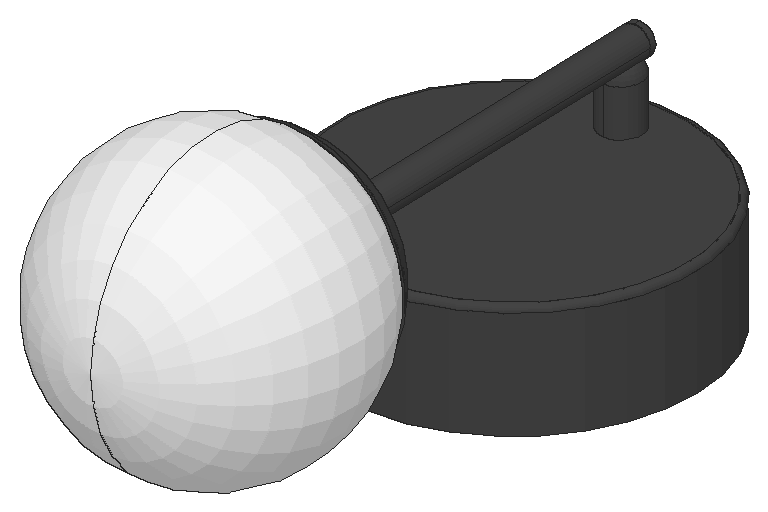
Revit family "AFX-Pearl_Sconce-", category Lighting Fixtures, host Face, Revit 2020
Family settings
  Host = Face
  Round Connector Dimension = Use Diameter
  Part Type = Normal
  Cut with Voids When Loaded = No
  Light Source = Yes
  Shared = No
  Room Calculation Point = No
Parameters (values of type "PRLS0409L30D1BK")
  Width = 4 3/8"
  Wattage Comments = "7.5"
  Wattage = 7.5 W
  built-in parameter 1150110 = 1 (stored number, unit not read)
  Voltage = 120 V
  Upper Dist = if(P01, 1 49/64", 4 27/32")  # 1 49/64"
  URL = "https://www.afxinc.com/"
  Type Comments = "Pearl"  # constant formula
  built-in parameter 1114217 = 1 (stored number, unit not read)
  Tilt Angle = 0.00°
  built-in parameter 1150109 = 1 (stored number, unit not read)
  built-in parameter 1150134 = (empty or 0)
  built-in parameter 1150113 = 1 (stored number, unit not read)
  LED Finish = AFX - White Plastic
  Revit File Built By = "https://servex-us.com/servex-revit/"
  Product Documentation Link = "https://www.afxinc.com/products/productDetail.cfm?productID=1560"
  Photometric Web File = "PRLS0409L30D1XX.IES"
  P02 = not(P01)  # no
  P01 = yes
  Model = "PRLS0409L30D1BK"
  Manufacturer = "AFX Inc"  # constant formula
  built-in parameter 1150105 = 494.06 (stored number, unit not read)
  Lumens = 5250 lm
  built-in parameter 1150115 = 1 (stored number, unit not read)
  Lower Dist = if(P02, 4 27/32", 2 31/64")  # 2 31/64"
  built-in parameter 1150137 = (empty or 0)
  built-in parameter 1150139 = (empty or 0)
  built-in parameter 1150112 = 1 (stored number, unit not read)
  built-in parameter 1150114 = 1 (stored number, unit not read)
  Lamp = ""
  Keynote = "12500"  # constant formula
  built-in parameter 1150132 = (empty or 0)
  built-in parameter 1150102 = (empty or 0)
  built-in parameter 1150107 = 3000 (stored number, unit not read)
  built-in parameter 1150138 = (empty or 0)
  built-in parameter 1150106 = 4.9406 (stored number, unit not read)
  Height = 8 1/2"
  Grommet Cap Finish = AFX - Black Steel
  Frame Finish = AFX - Black Steel
  built-in parameter 1150104 = 65.032 (stored number, unit not read)
  Dist Support = if(P01, 1 37/64", 1 147/256")  # 1 37/64"
  Dist Light Source = if(P01, 3 37/64", 9 1/2")  # 3 37/64"
  Dimming Lamp Color Temperature Shift = <None>
  Diffuser Finish = AFX - White Acrylic
  Description = "Simplistic LED sconce with white glass globe with 1 Light and vertical or horizontal mounting - 4 3/8\"W x 4\"D x 8 1/2\"H"
  Depth = 4"
  Default Elevation = 48"
  Cover Finish = AFX - Black Steel
  Colour Rendering Index = "90"
  Color Filter = 16777215
  Housing Finish = AFX - Black Steel
  built-in parameter 1114218 = 1 (stored number, unit not read)
  built-in parameter 1150133 = 10 (stored number, unit not read)
  Assembly Code = "D5020200"
  Apparent Load = 0 VA
Types (2): name | Wattage Comments | Wattage | Upper Dist | Product Documentation Link | Photometric Web File | P02 | P01 | Model | built-in parameter 1150105 | Lumens | Lower Dist | built-in parameter 1150106 | Height | built-in parameter 1150104 | Dist Support | Dist Light Source | Description
  PRLS0409L30D1BK | "7.5" | 7.5 W | 1 49/64" | "https://www.afxinc.com/products/productDetail.cfm?productID=1560" | "PRLS0409L30D1XX.IES" | no | yes | "PRLS0409L30D1BK" | 494.06 (stored number, unit not read) | 5250 lm | 2 31/64" | 4.9406 (stored number, unit not read) | 8 1/2" | 65.032 (stored number, unit not read) | 1 37/64" | 3 37/64" | "Simplistic LED sconce with white glass globe with 1 Light and vertical or horizontal mounting - 4 3/8\"W x 4\"D x 8 1/2\"H"
  PRLS0418L30D1BK | "13" | 13 W | 4 27/32" | "https://www.afxinc.com/products/productDetail.cfm?productID=1564" | "PRLS0418L30D1XX.IES" | yes | no | "PRLS0418L30D1BK" | 1468.1 (stored number, unit not read) | 15600 lm | 4 27/32" | 14.681 (stored number, unit not read) | 17 1/4" | 111.48 (stored number, unit not read) | 1 147/256" | 9 1/2" | "Simplistic LED sconce with white glass globe with 2 Lights and vertical or horizontal mounting - 4 3/8\"W x 4\"D x 17 1/4\"H"
Reference planes (in)
  plane 1 "Center (Front/Back)": y = 0
  plane 2: z = 0
  plane 3 "Center (Left/Right)": x = 0
  plane 4: y = -2.48438
  plane 5: y = 1.76562
  plane 6: z = 2.19002
  plane 7: y = 1.57422
Forms (in)
  Revolve 1, solid, material "AFX - Black Steel" <- "Housing Finish"
    sketch origin (0, 0, 0) x (0, 1, 0) y (0, 0, 1)
      loop
        line (2.00728, 1.37793) -> (2.00728, 0) -> (2.16535, 0) -> (2.16535, 1.30157)
        arc (2.16535, 1.30157) -> (2.14299, 1.35557) -> (2.089, 1.37793) r 0.07636
        line (2.089, 1.37793) -> (2.00728, 1.37793)
      axis (0, 0) -> (0, 1.37793)
    angle from 0 to 360
  Extrusion 2, solid, material "AFX - Black Steel" <- "Frame Finish"
    sketch origin (0, 0, 0) x (1, 0, 0) y (0, 0, 1)
      loop
        circle (0, 2.19002) r 0.1875
    from -1.76563 to 2.48438
  Revolve 3, solid, material "AFX - Black Steel" <- "Cover Finish"
    sketch origin (0, 0, 0) x (0, 1, 0) y (0, 0, 1)
      loop
        line (-2.48438, 2.19002) -> (-2.48438, 2.41277)
        arc (-2.48438, 2.41277) -> (-2.52375, 2.45214) -> (-2.56312, 2.41277) r 0.03937
        line (-2.56312, 2.41277) -> (-2.56312, 2.38152)
        arc (-2.56312, 2.38152) -> (-2.81057, 3.06754) -> (-3.33835, 3.57084) r 1.58942
        line (-3.33835, 3.57084) -> (-3.33835, 3.53449)
        arc (-3.33835, 3.53449) -> (-2.83175, 3.04276) -> (-2.59416, 2.37794) r 1.55817
        line (-2.59416, 2.37794) -> (-2.59416, 2.19002) -> (-2.48438, 2.19002)
      axis (-2.48438, 2.19002) -> (-3.33835, 2.19002)
    angle from 0 to 360
  Revolve 4, solid, material "AFX - White Plastic" <- "LED Finish"
    sketch origin (0, 0, 0) x (0, 1, 0) y (0, 0, 1)
      loop
        line (-2.79672, 2.98237) -> (-3.43475, 2.98237) -> (-3.43475, 2.19002) -> (-2.59416, 2.19002) -> (-2.59416, 2.37794)
        arc (-2.59416, 2.37794) -> (-2.66496, 2.69037) -> (-2.79672, 2.98237) r 1.59621
      axis (-2.59416, 2.19002) -> (-3.43475, 2.19002)
    angle from 0 to 360
  Revolve 5, solid, material "AFX - White Acrylic" <- "Diffuser Finish"
    sketch origin (0, 0, 0) x (0, 1, 0) y (0, 0, 1)
      loop
        line (-3.04833, 3.01721) -> (-2.95133, 3.01721) -> (-2.95133, 3.05188)
        arc (-2.95133, 3.05188) -> (-4.94675, 3.90854) -> (-6.27425, 2.19002) r 1.77251
        line (-6.27425, 2.19002) -> (-6.17269, 2.19002)
        arc (-6.17269, 2.19002) -> (-4.9294, 3.8081) -> (-3.04833, 3.01721) r 1.67095
      axis (-6.27425, 2.19002) -> (-2.95133, 2.19002)
    angle from 0 to 360
  Revolve 6, solid, material "AFX - Black Steel" <- "Cover Finish", visible <- "P02"
    sketch origin (0, 2.36191, 0) x (0, -1, 0) y (0, 0, 1)
      loop
        line (0.59656, 2.19002) -> (0.59656, 2.41277)
        arc (0.59656, 2.41277) -> (0.55719, 2.45214) -> (0.51782, 2.41277) r 0.03937
        line (0.51782, 2.41277) -> (0.51782, 2.38152)
        arc (0.51782, 2.38152) -> (0.27037, 3.06754) -> (-0.25742, 3.57084) r 1.58942
        line (-0.25742, 3.57084) -> (-0.25742, 3.53449)
        arc (-0.25742, 3.53449) -> (0.24918, 3.04276) -> (0.48678, 2.37794) r 1.55817
        line (0.48678, 2.37794) -> (0.48678, 2.19002) -> (0.59656, 2.19002)
      axis (0.59656, 2.19002) -> (-0.25742, 2.19002)
    angle from 0 to 360
  Revolve 7, solid, material "AFX - White Plastic" <- "LED Finish", visible <- "P02"
    sketch origin (0, 2.36191, 0) x (0, -1, 0) y (0, 0, 1)
      loop
        line (0.28422, 2.98237) -> (-0.35381, 2.98237) -> (-0.35381, 2.19002) -> (0.48678, 2.19002) -> (0.48678, 2.37794)
        arc (0.48678, 2.37794) -> (0.41598, 2.69037) -> (0.28422, 2.98237) r 1.59621
      axis (0.48678, 2.19002) -> (-0.35381, 2.19002)
    angle from 0 to 360
  Revolve 8, solid, material "AFX - White Acrylic" <- "Diffuser Finish", visible <- "P02"
    sketch origin (0, 2.36191, 0) x (0, -1, 0) y (0, 0, 1)
      loop
        line (0.03261, 3.01721) -> (0.12961, 3.01721) -> (0.12961, 3.05188)
        arc (0.12961, 3.05188) -> (-1.86581, 3.90854) -> (-3.19331, 2.19002) r 1.77251
        line (-3.19331, 2.19002) -> (-3.09175, 2.19002)
        arc (-3.09175, 2.19002) -> (-1.84846, 3.8081) -> (0.03261, 3.01721) r 1.67095
      axis (-3.19331, 2.19002) -> (0.12961, 2.19002)
    angle from 0 to 360
  Revolve 9, solid, material "AFX - Black Steel" <- "Grommet Cap Finish", visible <- "P01"
    sketch origin (0, 0, 0) x (0, 1, 0) y (0, 0, 1)
      loop
        line (1.85054, 2.37752) -> (1.7718, 2.37752) -> (1.7718, 2.33151) -> (1.53558, 2.33151) -> (1.53558, 2.19002) -> (1.85054, 2.19002) -> (1.85054, 2.37752)
      axis (1.53558, 2.19002) -> (1.85054, 2.19002)
    angle from 0 to 360
  Revolve 10, solid, material "AFX - Black Steel" <- "Frame Finish", visible <- "P02"
    sketch origin (0, 0, 0) x (0, 1, 0) y (0, 0, 1)
      loop
        line (-1.5748, 1.37793) -> (-1.5748, 2.19002)
        arc (-1.5748, 2.19002) -> (-1.75158, 2.1168) -> (-1.8248, 1.94002) r 0.25
        line (-1.8248, 1.94002) -> (-1.8248, 1.37793) -> (-1.5748, 1.37793)
      axis (-1.5748, 2.19002) -> (-1.5748, 1.37793)
    angle from 0 to 360
  Revolve 11, solid, material "AFX - Black Steel" <- "Frame Finish"
    sketch origin (0, 2.7559, 0) x (0, 1, 0) y (0, 0, 1)
      loop
        line (-1.18168, 1.37793) -> (-1.18168, 2.19002)
        arc (-1.18168, 2.19002) -> (-1.35846, 2.1168) -> (-1.43168, 1.94002) r 0.25
        line (-1.43168, 1.94002) -> (-1.43168, 1.37793) -> (-1.18168, 1.37793)
      axis (-1.18168, 2.19002) -> (-1.18168, 1.37793)
    angle from 0 to 360
  Extrusion 12, solid, material "AFX - Black Steel" <- "Housing Finish"
    sketch origin (0, 0, 0) x (1, 0, 0) y (0, 1, 0)
      loop
        circle (0, 0) r 2.00728
    from 0 to 1.37793
  Extrusion 13, solid
    sketch origin (0, 0, 0) x (1, 0, 0) y (0, 1, 0)
      loop
        circle (0, 0) r 0.01563
    from 0 to 0.03125
Cuts and joins
  joined: Revolve 1, Extrusion 12
Lines and regions (in)
  symbolic lines
    curve 1: line (2.16535, 0, 0) -> (2.16535, 0, 1.30241)
    curve 2: line (2.08983, 0, 1.37793) -> (1.57924, 0, 1.37793)
    curve 3: arc (2.16535, 0, 1.30241) -> (2.14323, 0, 1.35581) -> (2.08983, 0, 1.37793) r 0.07552
    curve 4: arc (1.57924, 0, 1.37793) -> (0, 0, 3.96583) -> (-1.57924, 0, 1.37793) r 1.77581
    curve 5: line (-2.16535, 0, 0) -> (-2.16535, 0, 1.30241)
    curve 6: line (-2.08983, 0, 1.37793) -> (-1.57924, 0, 1.37793)
    curve 7: arc (-2.16535, 0, 1.30241) -> (-2.14323, 0, 1.35581) -> (-2.08983, 0, 1.37793) r 0.07552
  symbolic lines, visible <- "P01"
    curve 8: line (1.57924, 0, 1.37793) -> (-1.57924, 0, 1.37793)
    curve 9: circle (0, 0, 2.19002) r 0.1875 normal (0, -1, 0)
    curve 10: line (-1.57924, 0, 1.37793) -> (1.57924, 0, 1.37793)
    curve 12: line (0.25277, 0, 1.37793) -> (0.25277, 0, 1.93864)
    curve 13: line (-0.25277, 0, 1.37793) -> (-0.25277, 0, 1.93864)
    curve 14: arc (0.25277, 0, 1.93864) -> (0.23239, 0, 2.03809) -> (0.17453, 0, 2.12149) r 0.25277
    curve 15: arc (-0.25277, 0, 1.93864) -> (-0.23239, 0, 2.03809) -> (-0.17453, 0, 2.12149) r 0.25277
  symbolic lines, style "LightingFixtures", visible <- "P02"
    curve 11: arc (-1.57924, 0, 1.37793) -> (0, 0, 0.41421) -> (1.57924, 0, 1.37793) r 1.77581
Dimensions and locks (in)
  "Lower Dist": plane 1 "Center (Front/Back)" to plane 4
  "Upper Dist": plane 5 to plane 1 "Center (Front/Back)"
  locked: plane 2 to plane 6 at 2.19002
  plane 6 to Revolve 3 sketch curve to Revolve 3 sketch curve to Revolve 3 sketch curve = 0.00959", 0.21316", 1.15806"
  plane 4 to Revolve 3 sketch curve to Revolve 3 sketch curve to Revolve 3 sketch curve to Revolve 3 sketch curve to Revolve 3 sketch curve = 0.03937" locked, 0.03937" locked, 0.03104" locked, 0.7442" locked, 0.80374" locked
  plane 4 to Revolve 4 sketch curve to Revolve 4 sketch curve to Revolve 4 sketch curve = 0.10978" locked, 0.84059" locked, 0.74369" locked
  plane 6 to Revolve 4 sketch curve to Revolve 4 sketch curve = 0.18792" locked, 0.60443" locked
  plane 6 to Revolve 5 sketch curve to Revolve 5 sketch curve = 0.82719" locked, 0.03467" locked
  plane 4 to Revolve 5 sketch curve to Revolve 5 sketch curve to Revolve 5 sketch curve to Revolve 5 sketch curve to Revolve 5 sketch curve = 0.46695" locked, 0.097" locked, 1.45342" locked, 1.67095" locked, 13/128" locked
  plane 6 to Revolve 6 sketch curve to Revolve 6 sketch curve to Revolve 6 sketch curve = 0.00959" locked, 0.21316" locked, 1.15806" locked
  plane 5 to Revolve 6 sketch curve to Revolve 6 sketch curve to Revolve 6 sketch curve to Revolve 6 sketch curve to Revolve 6 sketch curve = 0.03909" locked, 0.03937" locked, 0.03104" locked, 0.7442" locked, 0.80374" locked
  plane 5 to Revolve 7 sketch curve to Revolve 7 sketch curve to Revolve 7 sketch curve = 0.1095" locked, 0.84059" locked, 0.74369" locked
  plane 6 to Revolve 7 sketch curve to Revolve 7 sketch curve = 0.18792" locked, 0.60443" locked
  plane 6 to Revolve 8 sketch curve to Revolve 8 sketch curve = 0.82719" locked, 0.03467" locked
  plane 5 to Revolve 8 sketch curve to Revolve 8 sketch curve to Revolve 8 sketch curve to Revolve 8 sketch curve to Revolve 8 sketch curve = 0.46667" locked, 0.097" locked, 1.45342" locked, 1.67095" locked, 13/128" locked
  "Dist Light Source": plane 6 to imposter light
  plane 6 to Revolve 9 sketch curve to Revolve 9 sketch curve = 0.14149" locked, 0.04601" locked
  Revolve 9 sketch curve to Revolve 9 sketch curve to plane 5 to Revolve 9 sketch curve = 0.07874" locked, 0.00617" locked, 0.23005" locked
  plane 1 "Center (Front/Back)" to Revolve 10 sketch curve to Revolve 10 sketch curve = 1.5748" locked, 1/4" locked
  Revolve 10 sketch curve to Revolve 10 sketch curve to Revolve 10 sketch curve to plane 2 = 1/4" locked, 0.56209" locked, 1.37793" locked
  locked: Revolve 11 sketch curve to Revolve 11 sketch curve at 0.25
  Revolve 11 sketch curve to Revolve 11 sketch curve to Revolve 11 sketch curve to host face = 1/4" locked, 0.56209" locked, 1.37793" locked
  plane 7 to imposter light = 1 147/256"
  plane 7 to plane 1 "Center (Front/Back)" = 1 147/256"
  Revolve 1 sketch curve to Revolve 1 sketch curve to Revolve 1 sketch curve to plane 1 "Center (Front/Back)" = 0.07636" locked, 0.08171" locked, 2.00728" locked
  aligned and locked: plane 2 to host face
  aligned and locked: level to host face
  aligned and locked: plane 6 to Extrusion 2 sketch curve
  aligned and locked: plane 3 "Center (Left/Right)" to Extrusion 2 sketch curve
  aligned and locked: plane 5 to Extrusion 2
  aligned and locked: Extrusion 2 to plane 4
  aligned and locked: Revolve 3 sketch curve to plane 6
  aligned and locked: Revolve 4 sketch curve to plane 6
  aligned and locked: plane 6 to Revolve 5 sketch curve  (x2)
  aligned and locked: Revolve 7 sketch curve to plane 6
  aligned and locked: imposter light to plane 1 "Center (Front/Back)"
  aligned and locked: plane 6 to Revolve 9 sketch curve
  aligned and locked: imposter light to plane 3 "Center (Left/Right)"
  aligned and locked: Revolve 11 sketch curve to plane 7
  aligned and locked: plane 7 to Revolve 11 sketch curve
  aligned and locked: Revolve 1 sketch curve to plane 2
  aligned and locked: plane 2 to Revolve 1
  aligned and locked: Revolve 1 to Extrusion 12
Automatic sketch dimensions
  host sketch curve to host sketch curve = 96"  (x2)
  Revolve 11 sketch curve to Revolve 11 sketch curve = 0.15036"
  Revolve 11 sketch curve to Revolve 11 sketch curve = 0.09964"
  Revolve 1 sketch curve to plane 1 "Center (Front/Back)" = 0"
  plane 6 to Revolve 1 sketch curve = 0.88845"
  plane 6 to Revolve 1 sketch curve = 0.71258"
  Revolve 1 sketch curve to Revolve 1 sketch curve = 1/4"
  plane 1 "Center (Front/Back)" to Extrusion 12 sketch curve = 0"
  Extrusion 12 sketch curve to plane 3 "Center (Left/Right)" = 0"
  plane 1 "Center (Front/Back)" to Extrusion 13 sketch curve = 0"
  Extrusion 13 sketch curve to plane 3 "Center (Left/Right)" = 0"
  curve 4 to curve 9 = 0"  (x2)
  curve 4 to curve 11 = 0"  (x2)
  curve 9 to curve 11 = 0"  (x2)
  curve 14 to curve 15 = 0"  (x2)
  curve 5 to level = 0"
  curve 4 to plane 3 "Center (Left/Right)" = 0"
  curve 14 to plane 3 "Center (Left/Right)" = 0"
  curve 1 to level = 0"
  curve 9 to plane 6 = 0"
  curve 13 to curve 15 = 0.25277"
  curve 8 to curve 13 = 1.32647"
  curve 6 to curve 4 = 0"
  curve 7 to curve 11 = 0.51059"
  curve 5 to curve 7 = 0.07552"
  plane 3 "Center (Left/Right)" to curve 12 = 0.25277"
  curve 2 to curve 4 = 0"
  curve 11 to curve 2 = 0.51059"
  curve 3 to curve 1 = 0.07552"
  plane 6 to curve 5 = 0.88761"
  plane 6 to curve 12 = 0.25138"
  plane 6 to curve 15 = 0.06853"
  Revolve 3 sketch curve to Revolve 3 sketch curve = 0"  (x2)
  plane 6 to Revolve 3 sketch curve = 0"
  Revolve 3 sketch curve to Revolve 3 sketch curve = 0.00358"
  Revolve 3 sketch curve to Revolve 3 sketch curve = 0.3288"
  plane 4 to Revolve 3 sketch curve = 0.29022"
  plane 6 to Revolve 4 sketch curve = 0"
  Revolve 4 sketch curve to plane 4 = 0.31235"
  Revolve 4 sketch curve to plane 4 = 0.05033"
  plane 4 to Revolve 4 sketch curve = 0.05036"
  Revolve 5 sketch curve to Revolve 5 sketch curve = 0"  (x2)
  Revolve 5 sketch curve to Revolve 5 sketch curve = 0.65277"
  plane 4 to Revolve 5 sketch curve = 0.1354"
  Revolve 6 sketch curve to Revolve 6 sketch curve = 0"  (x2)
  plane 6 to Revolve 6 sketch curve = 0"  (x2)
  Revolve 6 sketch curve to Revolve 6 sketch curve = 0.00358"
  Revolve 6 sketch curve to Revolve 6 sketch curve = 0.3288"
  plane 7 to Revolve 6 sketch curve = 0.0991"
  plane 6 to Revolve 7 sketch curve = 0"
  Revolve 7 sketch curve to plane 5 = 0.31207"
  Revolve 7 sketch curve to plane 5 = 0.05005"
  plane 5 to Revolve 7 sketch curve = 0.05064"
  Revolve 8 sketch curve to Revolve 8 sketch curve = 0"  (x2)
  plane 6 to Revolve 8 sketch curve = 0"  (x2)
  Revolve 8 sketch curve to Revolve 8 sketch curve = 0.65277"
  Revolve 8 sketch curve to plane 7 = 0.05572"
  plane 6 to Revolve 9 sketch curve = 0"
  Revolve 9 sketch curve to Revolve 9 sketch curve = 0.11949"
  Revolve 9 sketch curve to Revolve 9 sketch curve = 0.13706"
  Revolve 10 sketch curve to Revolve 10 sketch curve = 0"
  Revolve 10 sketch curve to Revolve 10 sketch curve = 0.15036"
  Revolve 10 sketch curve to Revolve 10 sketch curve = 0.09964"
  radius of Extrusion 2 sketch curve = 3/16"
  radius of Extrusion 12 sketch curve = 2.00728"
  radius of Extrusion 13 sketch curve = 1/64"
Connectors (in)
  electrical at (0, 0, 0), driven by "Voltage", driven by "Apparent Load"
    settings: on cut or joined group of Revolve 1, Extrusion 12, index 1, voltage 120 V, apparent load 0 VA, apparent load phase1 0 VA, apparent load phase2 0 VA, apparent load phase3 0 VA, power factor 1, load classification "Lighting", number of poles 1, system type 31, power factor state 1, is connector primary yes, connector utility no, sub classification motor no, connector description ""
